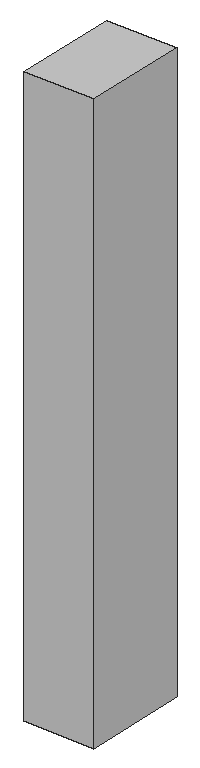
Revit family
Parameters (values of type "300 x 450mm")
  b = 300 mm
  h = 450 mm
  Column Material [instance] = Concrete - Cast-in-Place Concrete
Types (4, lengths in mm): name | b | h
  (no name) | 300 | 450
  300 x 450mm | 300 | 450
  450 x 600mm | 450 | 600
  600 x 750mm | 600 | 750
Reference planes
  plane 1 "Center (Front/Back)": y = 0
  plane 2: z = 0
  plane 3 "Center (Left/Right)": x = 0
  plane 4: x = -150
  plane 5: x = 150
  plane 6: y = 225
  plane 7: y = -225
Forms (mm)
  Extrusion 1, solid, material "Concrete - Cast-in-Place Concrete" <- "Column Material"
    sketch origin (0, 0, 0) x (1, 0, 0) y (0, 1, 0)
      loop
        line (-150, 225) -> (-150, -225) -> (150, -225) -> (150, 225) -> (-150, 225)
    from 0 to 2500
Dimensions and locks
  equal spacing: plane 4, plane 3 "Center (Left/Right)", plane 5
  equal spacing: plane 7, plane 1 "Center (Front/Back)", plane 6
  "h": plane 7 to plane 6
  "b": plane 4 to plane 5
  aligned and locked: plane 6 to Extrusion 1 sketch curve
  aligned and locked: Extrusion 1 sketch curve to plane 7
  aligned and locked: Extrusion 1 sketch curve to plane 4
  aligned and locked: plane 5 to Extrusion 1 sketch curve
  aligned and locked: level to Extrusion 1
  aligned and locked: level to plane 2
  aligned and locked: Extrusion 1 to plane 2
